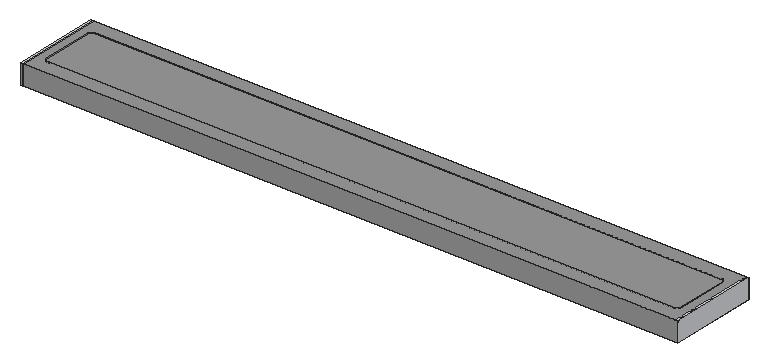
Revit family "2021696", category Lighting Fixtures, host Face, Revit 2018
Family settings
  Host = Face
  Round Connector Dimension = Use Diameter
  Part Type = Normal
  OmniClass Number = 23.80.70.00
  OmniClass Title = Lighting
  Cut with Voids When Loaded = No
  Light Source = Yes
  Shared = No
  Room Calculation Point = No
Parameters (values of type "2021696 OPTIX S 1500 MPO D/I 4K")
  spacer height = 5 mm
  spacer centres = 1000 mm
  lens width = 1135 mm
  full length = 1500 mm
  Width = 200 mm
  Weight = "n/a"
  Wattage Comments = ""
  Wattage = 9.2903 W
  WarrantyStartDate [instance] = "n/a"
  WarrantyGuarantorParts = "n/a"
  WarrantyDurationUnit = "n/a"
  WarrantyDurationParts = ""
  WarrantyDescription = "http://www.sylvania-lighting.com"
  built-in parameter 1150110 = 1 (stored number, unit not read)
  Voltage = 0 V
  URL = "1"
  TypeName = "OPTIX SURFACE 1500 MPO D/I 4000K"
  Type Image = <None>
  Type Comments = "n/a"
  built-in parameter 1114217 = 1 (stored number, unit not read)
  Tilt Angle = 90.00°
  built-in parameter 1150109 = 1 (stored number, unit not read)
  built-in parameter 1150134 = 3
  built-in parameter 1150113 = 1 (stored number, unit not read)
  SerialNumber [instance] = "n/a"
  Photometric Web File = "2021696.ies"
  Material_3_FEILO = none
  PowerFactor = 0
  PowerConsumption = "Lighting"
  NominalLength = 200 mm
  NominalHeight = 0 mm
  NominalDepth = 0 mm
  Name = "OPTIX SURFACE 1500 MPO D/I 4000K"
  ModelReference = Name  # "OPTIX SURFACE 1500 MPO D/I 4000K"
  ModelNumber = "2021696"
  Model = Name  # "OPTIX SURFACE 1500 MPO D/I 4000K"
  Material = "Feilo Sylvania"
  ManufacturerName = "136 lm/W"
  Manufacturer = ""
  LuminousEfficacy = ""
  built-in parameter 1150105 = 109.82 (stored number, unit not read)
  Lumens = 1380 lm
  LuminaireType = "0"
  built-in parameter 1150115 = 1 (stored number, unit not read)
  LightOutputRatio = "LED"
  built-in parameter 1150137 = (empty or 0)
  built-in parameter 1150139 = (empty or 0)
  Lens Width = 135 mm
  Length = 1188 mm
  LampsType = Lamp  # "n/a"
  LampNominalLuminous = "4000 K"
  LampMacAdamStep = "80"
  LampColourTemperature = "LED"
  LampColourRenderingIndex = "16500"
  built-in parameter 1150112 = 1 (stored number, unit not read)
  built-in parameter 1150114 = 1 (stored number, unit not read)
  Lamp = "n/a"
  Keynote = "n/a"
  InstallationDate [instance] = "n/a"
  InputVoltage = "0"
  InputNominalFrequency = "4000"
  built-in parameter 1150132 = (empty or 0)
  built-in parameter 1150102 = (empty or 0)
  built-in parameter 1150107 = 3200 (stored number, unit not read)
  built-in parameter 1150138 = (empty or 0)
  IngressProtection = "IfcLightFixtureType"
  ImpactProtectionIndex = "IfcLightFixtureType"
  built-in parameter 1150106 = 1.0982 (stored number, unit not read)
  IfcExportType = "IfcLightFixtureType"
  IfcExportAs = "Class I"
  Height = 50 mm
  ExpectedLife = 50000
  Emit from Circle Diameter = 609.6 mm
  Emit Shape Visible in Rendering = no
  ElectricShockClassification = "136"
  built-in parameter 1150104 = 13.8 (stored number, unit not read)
  DurationUnit = "hours"
  DocumentationLiterature = "http://www.sylvania-lighting.com/product/en-int/products/2021696"
  DimmingControlOptions = "n/a"
  Material_2_FEILO = none
  Dimming Lamp Color Temperature Shift = <None>
  Description = "OPTIX SURFACE 1500 MPO D/I 4000K is a high efficacy low glare suspended LED Linear luminaire with Micro Prismatic diffuser, with direct/indirect light distribution, luminaire dimensions: 1500x200x50mm, Sylvania White body colour (RAL9016), IP20, IK07, Constant Current driver, low LED flicker (+/-5%), Neutral White (4000K) LED Colour Temperature, 6650lm luminous flux, 49W power consumption, 136lm/W system efficacy, CRI>80, SDCM 3 (3-step MacAdam ellipse) LED Colour Consistency, UGR<19, Luminance at 65° < 3000 cd/m2, lumen maintenance: L90B50 at 71000h, photobiological safety risk group 1. Electrical protection Class I."
  Default Elevation = 1219.2 mm
  CreatedOn = "31/01/2022"
  CreatedBy = "@sylvania-lighting.com"
  Cost = 0
  Color Filter = 16777215
  built-in parameter 1114216 [instance] = (empty or 0)
  ClassificationValue = "EF_70_80"
  ClassificationName = "Uniclass2015"
  Material_1_FEILO = none
  BarCode [instance] = "n/a"
  built-in parameter 1114218 = 1 (stored number, unit not read)
  built-in parameter 1150133 = 10 (stored number, unit not read)
  AssetType = "Fixed"
  AssetIdentifier [instance] = "n/a"
  Assembly Code = "D5020200"
  Apparent Load = 49 VA
  Material_4_FEILO = none
Reference planes
  plane 1 "Center (Front/Back)": y = 0
  plane 2: z = 0
  plane 3 "Center (Left/Right)": x = 0
  plane 4: z = 0
  plane 5: z = 50
  plane 6: y = 100
  plane 7: y = -100
  plane 8: x = -594
  plane 9: x = 594
  plane 10: z = 5
  plane 11: x = -500
  plane 12: x = 500
  plane 13: y = 10
  plane 14: y = -10
  plane 15: x = 487.5
  plane 16: x = 512.5
  plane 17: x = -512.5
  plane 18: x = -487.5
  plane 19: x = -567.5
  plane 20: x = 567.5
  plane 21: y = 67.5
  plane 22: y = -67.5
  plane 23: x = -557.5
  plane 24: y = 57.5
  plane 25: y = -57.5
  plane 26: x = 557.5
  plane 27: x = -750
  plane 28: x = 750
  plane 29: x = -700.314
  plane 30: x = 723.5
  plane 31: x = -671.814
  plane 32: x = 695
  plane 33: x = -744
  plane 34: x = 744
Forms (mm)
  Extrusion 1, solid, material "Aluminum 1100-H18", detail levels medium+fine
    sketch origin (4.2, 0, 0) x (1, 0, 0) y (0, 1, 0)
      loop
        line (-754.2, 100) -> (-754.2, -100) -> (745.8, -100) -> (745.8, 100) -> (-754.2, 100)
    from 5 to 50
  Extrusion 2, solid
    sketch origin (186.707, 0, 0) x (1, 0, 0) y (0, 1, 0)
      loop
        line (483.3, 10) -> (483.3, -10) -> (508.3, -10) -> (508.3, 10) -> (483.3, 10)
    from 0 to 5
  Extrusion 3, solid
    sketch origin (-155.18, 0, 0) x (1, 0, 0) y (0, 1, 0)
      loop
        line (-516.7, 10) -> (-516.7, -10) -> (-491.7, -10) -> (-491.7, 10) -> (-516.7, 10)
    from 0 to 5
  Extrusion 4, void, detail levels fine
    sketch origin (4.2, 0, 0) x (0, 1, 0) y (1, 0, 0)
      loop
        line (67.5, -717.7) -> (67.5, 709.3)
        arc (67.5, 709.3) -> (64.571, 716.371) -> (57.5, 719.3) r 10
        line (57.5, 719.3) -> (-57.5, 719.3)
        arc (-57.5, 719.3) -> (-64.571, 716.371) -> (-67.5, 709.3) r 10
        line (-67.5, 709.3) -> (-67.5, -717.7)
        arc (-67.5, -717.7) -> (-64.571, -724.771) -> (-57.5, -727.7) r 10
        line (-57.5, -727.7) -> (57.5, -727.7)
        arc (57.5, -727.7) -> (64.571, -724.771) -> (67.5, -717.7) r 10
    from -50 to -48
  Extrusion 5, solid, detail levels medium+fine
    sketch origin (4.2, 0, 0) x (1, 0, 0) y (0, 1, 0)
      loop
        line (-754.2, 100) -> (-754.2, -100) -> (-748.2, -100) -> (-748.2, 100) -> (-754.2, 100)
    from 5 to 50
  Extrusion 6, solid, detail levels medium+fine
    sketch origin (4.2, 0, 0) x (1, 0, 0) y (0, 1, 0)
      loop
        line (739.8, 100) -> (739.8, -100) -> (745.8, -100) -> (745.8, 100) -> (739.8, 100)
    from 5 to 50
  Extrusion 7, solid, material "Glass, White, High Luminance", detail levels fine
    sketch origin (4.2, 0, 0) x (1, 0, 0) y (0, 1, 0)
      loop
        arc (-717.7, 67.5) -> (-724.771, 64.571) -> (-727.7, 57.5) r 10
        line (-727.7, 57.5) -> (-727.7, -57.5)
        arc (-727.7, -57.5) -> (-724.771, -64.571) -> (-717.7, -67.5) r 10
        line (-717.7, -67.5) -> (709.3, -67.5)
        arc (709.3, -67.5) -> (716.371, -64.571) -> (719.3, -57.5) r 10
        line (719.3, -57.5) -> (719.3, 57.5)
        arc (719.3, 57.5) -> (716.371, 64.571) -> (709.3, 67.5) r 10
        line (709.3, 67.5) -> (-717.7, 67.5)
    from 48 to 49.5
  Extrusion 8, solid, detail levels coarse
    sketch origin (4.2, 0, 0) x (1, 0, 0) y (0, 1, 0)
      loop
        line (-754.2, 100) -> (-754.2, -100) -> (745.8, -100) -> (745.8, 100) -> (-754.2, 100)
    from 0 to 50
Cuts and joins
  Extrusion 4 cuts Extrusion 2
  Extrusion 4 cuts Extrusion 3
  Extrusion 4 cuts Extrusion 1
Dimensions and locks
  "Width": plane 6 to plane 7
  equal spacing: plane 6, plane 1 "Center (Front/Back)", plane 7
  "Length": plane 8 to plane 9
  equal spacing: plane 8, plane 3 "Center (Left/Right)", plane 9
  "spacer height": plane 10 to host face
  "Height": plane 5 to level
  "spacer centres": plane 11 to plane 12
  equal spacing: plane 11, plane 3 "Center (Left/Right)", plane 12
  "lens width": plane 19 to plane 20
  equal spacing: plane 19, plane 3 "Center (Left/Right)", plane 20
  "Lens Width": plane 21 to plane 22
  equal spacing: plane 21, plane 1 "Center (Front/Back)", plane 22
  "full length": plane 27 to plane 28
  equal spacing: plane 27, plane 3 "Center (Left/Right)", plane 28
  aligned and locked: plane 2 to host face
  aligned and locked: level to host face
Automatic sketch dimensions
  host sketch curve to host sketch curve = 2438.4 mm  (x2)
  Extrusion 1 sketch curve to plane 7 = 0 mm
  Extrusion 1 sketch curve to plane 8 = 156 mm
  plane 9 to Extrusion 1 sketch curve = 156 mm
  Extrusion 1 sketch curve to plane 6 = 0 mm
  Extrusion 2 sketch curve to plane 14 = 0 mm
  plane 15 to Extrusion 2 sketch curve = 182.507 mm
  plane 16 to Extrusion 2 sketch curve = 182.507 mm
  Extrusion 2 sketch curve to plane 13 = 0 mm
  Extrusion 3 sketch curve to plane 14 = 0 mm
  Extrusion 3 sketch curve to plane 17 = 159.38 mm
  Extrusion 3 sketch curve to plane 18 = 159.38 mm
  Extrusion 3 sketch curve to plane 13 = 0 mm
  Extrusion 4 sketch curve to plane 22 = 0 mm
  Extrusion 4 sketch curve to plane 19 = 156 mm
  Extrusion 4 sketch curve to plane 25 = 0 mm  (x2)
  plane 20 to Extrusion 4 sketch curve = 156 mm
  Extrusion 4 sketch curve to plane 24 = 0 mm  (x2)
  Extrusion 4 sketch curve to plane 23 = 156 mm
  Extrusion 5 sketch curve to plane 7 = 0 mm
  Extrusion 5 sketch curve to plane 27 = 0 mm
  Extrusion 5 sketch curve to plane 8 = 150 mm
  Extrusion 5 sketch curve to plane 6 = 0 mm
  Extrusion 6 sketch curve to plane 7 = 0 mm
  plane 9 to Extrusion 6 sketch curve = 150 mm
  Extrusion 6 sketch curve to plane 28 = 0 mm
  Extrusion 6 sketch curve to plane 6 = 0 mm
  Extrusion 7 sketch curve to plane 23 = 156 mm  (x2)
  Extrusion 7 sketch curve to plane 21 = 0 mm
  Extrusion 7 sketch curve to plane 22 = 0 mm
  plane 26 to Extrusion 7 sketch curve = 156 mm  (x2)
  plane 20 to Extrusion 7 sketch curve = 156 mm
  Extrusion 7 sketch curve to plane 24 = 0 mm
  Extrusion 8 sketch curve to plane 7 = 0 mm
  Extrusion 8 sketch curve to plane 27 = 0 mm
  Extrusion 8 sketch curve to plane 28 = 0 mm
  Extrusion 8 sketch curve to plane 6 = 0 mm
Connectors
  electrical at (0, 0, 0), driven by "Apparent Load", driven by "PowerFactor", driven by "Voltage"
    settings: index 1, voltage 0 V, apparent load 49 VA, apparent load phase1 0 VA, apparent load phase2 0 VA, apparent load phase3 0 VA, power factor 0, load classification "Lighting", number of poles 1, system type 30, power factor state 1, is connector primary yes, connector utility no, sub classification motor no, connector description ""
